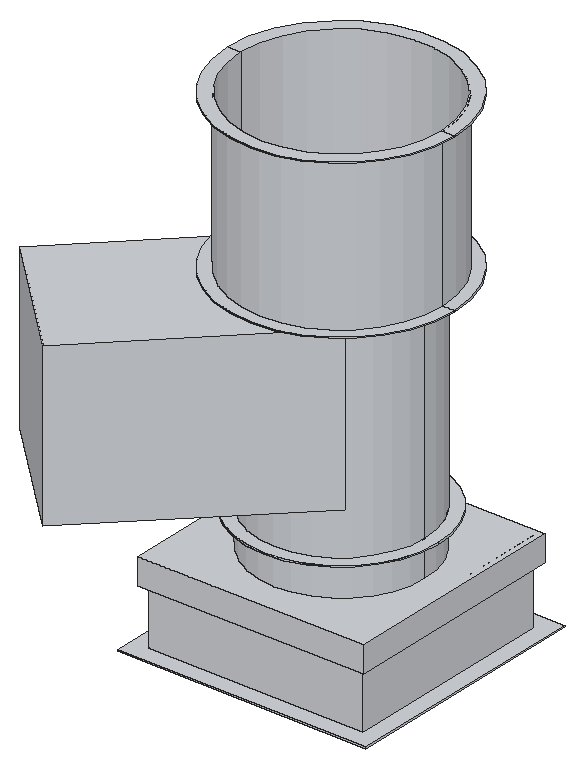
Revit family "QMXU", category Mechanical Equipment, Revit 2019
Family settings
  Round Connector Dimension = Use Diameter
  Part Type = Normal
  Work Plane-Based = No
  Always vertical = Yes
  Cut with Voids When Loaded = No
  Shared = No
  Room Calculation Point = No
Parameters (values of type "135_QMXU-HP")
  Unit Weight [instance] = ""
  T_SQ/2 = T_SQ / 2  # 0' - 10 3/4"
  T_SQ = B - 0' 4 1/2"  # 1' - 9 1/2"
  Sones [instance] = ""
  QMX_LENGTH = 2' - 3"
  Motor RPM [instance] = ""
  Motor Enclosure [instance] = ""
  ModelID [instance] = ""
  MC_LENGTH = -QMX_LENGTH * 0.8  # -1' - 9.6"
  LwA [instance] = ""
  G/2 = G / 2  # 0' - 9"
  G = 1' - 6"
  Fan RPM [instance] = ""
  FAN_RADIUS/5 = FAN_RADIUS / 5  # 0' - 1.925"
  FAN_RADIUS = FAN_DIA / 2  # 0' - 9 5/8"
  FAN_RAD+1.5" = FAN_RADIUS + 0' 1 1/2"  # 0' - 11 1/8"
  FAN_DIA = 1' - 7 1/4"
  F = 2' - 1 3/8"
  E = 2' - 3 1/4"
  DUCT_COLLAR = 1' - 7 1/4"
  DC/2 = DUCT_COLLAR / 2  # 0' - 9 5/8"
  D-(G/2) = D - (G / 2)  # 3' - 1 1/2"
  D = 3' - 10 1/2"
  CURB_HEIGHT [instance] = 0' - 9 1/2"
  CURB [instance] = yes
  C/2 = C / 2  # 0' - 1 1/2"
  C = 0' - 3"
  B/2 = B / 2  # 1' - 1"
  B = 2' - 2"
  Accessories [instance] = ""
  A/2 = A / 2  # 2' - 0 27/32"
  A = 4' - 1 11/16"
  3" = 0' - 3"  # constant formula
  Brake Hp [instance] = ""
  4" = 0' - 4"  # constant formula
  2' = 2' - 0"
  2" = 0' - 2"  # constant formula
  1" = 0' - 1"  # constant formula
  0 = 0' - 0"  # constant formula
  Voltage [instance] = 0 V
  URL = "www.lorencook.com"
  Type Comments = "Mixed-Flow Upblast Blower High Pressure Belt Drive Arrangement 9"
  Static Pressure [instance] = 0.00 in-wg
  Power [instance] = Voltage * Motor FLA * sqrt(if(Phase = 3, 3, 1))  # 0 VA
  Phase [instance] = 0
  Number of Poles [instance] = 1
  Motor Hp [instance] = "0"
  Motor FLA [instance] = 0 A
  Model = "QMXU-HP"
  Manufacturer = "Loren Cook Company"
  CFM [instance] = 0 CFM
  1.5 = 0' - 1 1/2"  # constant formula
  ONE EIGTH = 0' - 0 1/8"  # constant formula
  (FAN_RADIUS)*.75 = (FAN_RADIUS) * 0.75  # 0' - 7 7/32"
  (B/2)-.125" = (B / 2) - 0' 0 1/8"  # 1' - 0 7/8"
Types (36): name | T_SQ/2 | T_SQ | QMX_LENGTH | MC_LENGTH | G/2 | G | FAN_RADIUS/5 | FAN_RADIUS | FAN_RAD+1.5" | FAN_DIA | F | E | DUCT_COLLAR | DC/2 | D-(G/2) | D | C/2 | C | B/2 | B | A/2 | A | Type Comments | Model | (FAN_RADIUS)*.75 | (B/2)-.125"
  (no name) | 0' - 10 3/4" | 1' - 9 1/2" | 2' - 3" | -1' - 9.6" | 0' - 9" | 1' - 6" | 0' - 1.925" | 0' - 9 5/8" | 0' - 11 1/8" | 1' - 7 1/4" | 2' - 1 3/8" | 2' - 3 1/4" | 1' - 7 1/4" | 0' - 9 5/8" | 3' - 1 1/2" | 3' - 10 1/2" | 0' - 1 1/2" | 0' - 3" | 1' - 1" | 2' - 2" | 2' - 0 27/32" | 4' - 1 11/16" | "Mixed-Flow Upblast Blower High Pressure Belt Drive Arrangement 9" | "QMXU-HP" | 0' - 7 7/32" | 1' - 0 7/8"
  90_QMXU | 0' - 7 3/4" | 1' - 3 1/2" | 1' - 7 7/8" | -1' - 3.9" | 0' - 7 1/2" | 1' - 3" | 0' - 1 9/32" | 0' - 6 13/32" | 0' - 7 29/32" | 1' - 0 13/16" | 1' - 9 1/4" | 1' - 10 1/2" | 1' - 0 13/16" | 0' - 6 13/32" | 2' - 5 7/8" | 3' - 1 3/8" | 0' - 1 1/2" | 0' - 3" | 0' - 10" | 1' - 8" | 1' - 8 9/32" | 3' - 4 9/16" | "Mixed-Flow Upblast Blower Low Pressure Belt Drive Arrangement 9" | "QMXU" | 0' - 4 103/128" | 0' - 9 7/8"
  300_QMXU | 2' - 0 3/4" | 4' - 1 1/2" | 4' - 6" | -3' - 7.2" | 1' - 3 1/4" | 2' - 6 1/2" | 0' - 4 1/4" | 1' - 9 1/4" | 1' - 10 3/4" | 3' - 6 1/2" | 3' - 1 5/8" | 3' - 4" | 3' - 6 1/2" | 1' - 9 1/4" | 5' - 6 3/4" | 6' - 10" | 0' - 1 1/2" | 0' - 3" | 2' - 3" | 4' - 6" | 3' - 9 1/8" | 7' - 6 1/4" | "Mixed-Flow Upblast Blower Low Pressure Belt Drive Arrangement 9" | "QMXU" | 1' - 3 15/16" | 2' - 2 7/8"
  120_QMXU | 0' - 9 3/4" | 1' - 7 1/2" | 2' - 0" | -1' - 7.2" | 0' - 8 1/2" | 1' - 5" | 0' - 1.70625" | 0' - 8 17/32" | 0' - 10 1/32" | 1' - 5 1/16" | 2' - 0 3/8" | 2' - 1 3/8" | 1' - 5 1/16" | 0' - 8 17/32" | 2' - 11 1/8" | 3' - 7 5/8" | 0' - 1 1/2" | 0' - 3" | 1' - 0" | 2' - 0" | 1' - 10 27/32" | 3' - 9 11/16" | "Mixed-Flow Upblast Blower Low Pressure Belt Drive Arrangement 9" | "QMXU" | 0' - 6 51/128" | 0' - 11 7/8"
  135_QMXU | 0' - 10 3/4" | 1' - 9 1/2" | 2' - 3" | -1' - 9.6" | 0' - 9" | 1' - 6" | 0' - 1.925" | 0' - 9 5/8" | 0' - 11 1/8" | 1' - 7 1/4" | 2' - 1 3/8" | 2' - 3 1/4" | 1' - 7 1/4" | 0' - 9 5/8" | 3' - 1 1/2" | 3' - 10 1/2" | 0' - 1 1/2" | 0' - 3" | 1' - 1" | 2' - 2" | 2' - 0 27/32" | 4' - 1 11/16" | "Mixed-Flow Upblast Blower Low Pressure Belt Drive Arrangement 9" | "QMXU" | 0' - 7 7/32" | 1' - 0 7/8"
  165_QMXU | 1' - 3 1/4" | 2' - 6 1/2" | 2' - 9" | -2' - 2.4" | 0' - 10 1/2" | 1' - 9" | 0' - 2.35" | 0' - 11 3/4" | 1' - 1 1/4" | 1' - 11 1/2" | 2' - 3 1/8" | 2' - 5 13/16" | 1' - 11 1/2" | 0' - 11 3/4" | 3' - 8 1/2" | 4' - 7" | 0' - 1 1/2" | 0' - 3" | 1' - 5 1/2" | 2' - 11" | 2' - 5 11/32" | 4' - 10 11/16" | "Mixed-Flow Upblast Blower Low Pressure Belt Drive Arrangement 9" | "QMXU" | 0' - 8 13/16" | 1' - 5 3/8"
  180_QMXU | 1' - 4 1/4" | 2' - 8 1/2" | 2' - 11" | -2' - 4" | 0' - 11" | 1' - 10" | 0' - 2 9/16" | 1' - 0 13/16" | 1' - 2 5/16" | 2' - 1 5/8" | 2' - 4 1/8" | 2' - 6 3/4" | 2' - 1 5/8" | 1' - 0 13/16" | 3' - 10 3/4" | 4' - 9 3/4" | 0' - 1 1/2" | 0' - 3" | 1' - 6 1/2" | 3' - 1" | 2' - 6 27/32" | 5' - 1 11/16" | "Mixed-Flow Upblast Blower Low Pressure Belt Drive Arrangement 9" | "QMXU" | 0' - 9 39/64" | 1' - 6 3/8"
  202_QMXU | 1' - 5 3/4" | 2' - 11 1/2" | 2' - 11" | -2' - 4" | 0' - 11 3/4" | 1' - 11 1/2" | 0' - 2 9/16" | 1' - 0 13/16" | 1' - 2 5/16" | 2' - 1 5/8" | 2' - 5 1/2" | 2' - 8 1/8" | 2' - 4 3/4" | 1' - 2 3/8" | 4' - 2 1/16" | 5' - 1 13/16" | 0' - 1 1/2" | 0' - 3" | 1' - 8" | 3' - 4" | 2' - 8 27/32" | 5' - 5 11/16" | "Mixed-Flow Upblast Blower Low Pressure Belt Drive Arrangement 9" | "QMXU" | 0' - 9 39/64" | 1' - 7 7/8"
  225_QMXU | 1' - 7 1/4" | 3' - 2 1/2" | 3' - 5" | -2' - 8.8" | 1' - 0 1/2" | 2' - 1" | 0' - 3.19375" | 1' - 3 31/32" | 1' - 5 15/32" | 2' - 7 15/16" | 2' - 9" | 2' - 11 1/2" | 2' - 7 15/16" | 1' - 3 31/32" | 4' - 7 5/8" | 5' - 8 1/8" | 0' - 1 1/2" | 0' - 3" | 1' - 9 1/2" | 3' - 7" | 2' - 11 11/32" | 5' - 10 11/16" | "Mixed-Flow Upblast Blower Low Pressure Belt Drive Arrangement 9" | "QMXU" | 0' - 11 125/128" | 1' - 9 3/8"
  245_QMXU | 1' - 8 3/4" | 3' - 5 1/2" | 3' - 8 1/2" | -2' - 11.6" | 1' - 1 1/2" | 2' - 3" | 0' - 3.475" | 1' - 5 3/8" | 1' - 6 7/8" | 2' - 10 3/4" | 2' - 10 1/8" | 3' - 0 5/8" | 2' - 10 3/4" | 1' - 5 3/8" | 4' - 10 5/16" | 5' - 11 13/16" | 0' - 1 1/2" | 0' - 3" | 1' - 11" | 3' - 10" | 3' - 2 5/16" | 6' - 4 5/8" | "Mixed-Flow Upblast Blower Low Pressure Belt Drive Arrangement 9" | "QMXU" | 1' - 1 1/32" | 1' - 10 7/8"
  270_QMXU | 1' - 10 3/4" | 3' - 9 1/2" | 3' - 11" | -3' - 1.6" | 1' - 2 1/4" | 2' - 4 1/2" | 0' - 3.83125" | 1' - 7 5/32" | 1' - 8 21/32" | 3' - 2 5/16" | 2' - 11 9/16" | 3' - 2" | 3' - 2 5/16" | 1' - 7 5/32" | 5' - 2 1/16" | 6' - 4 5/16" | 0' - 1 1/2" | 0' - 3" | 2' - 1" | 4' - 2" | 3' - 4 7/16" | 6' - 8 7/8" | "Mixed-Flow Upblast Blower Low Pressure Belt Drive Arrangement 9" | "QMXU" | 1' - 2 47/128" | 2' - 0 7/8"
  120_QMXU-HP | 0' - 9 3/4" | 1' - 7 1/2" | 2' - 0" | -1' - 7.2" | 0' - 8 1/2" | 1' - 5" | 0' - 1.70625" | 0' - 8 17/32" | 0' - 10 1/32" | 1' - 5 1/16" | 2' - 0 3/8" | 2' - 1 3/8" | 1' - 5 1/16" | 0' - 8 17/32" | 2' - 11 1/8" | 3' - 7 5/8" | 0' - 1 1/2" | 0' - 3" | 1' - 0" | 2' - 0" | 1' - 10 27/32" | 3' - 9 11/16" | "Mixed-Flow Upblast Blower High Pressure Belt Drive Arrangement 9" | "QMXU-HP" | 0' - 6 51/128" | 0' - 11 7/8"
  135_QMXU-HP | 0' - 10 3/4" | 1' - 9 1/2" | 2' - 3" | -1' - 9.6" | 0' - 9" | 1' - 6" | 0' - 1.925" | 0' - 9 5/8" | 0' - 11 1/8" | 1' - 7 1/4" | 2' - 1 3/8" | 2' - 3 1/4" | 1' - 7 1/4" | 0' - 9 5/8" | 3' - 1 1/2" | 3' - 10 1/2" | 0' - 1 1/2" | 0' - 3" | 1' - 1" | 2' - 2" | 2' - 0 27/32" | 4' - 1 11/16" | "Mixed-Flow Upblast Blower High Pressure Belt Drive Arrangement 9" | "QMXU-HP" | 0' - 7 7/32" | 1' - 0 7/8"
  150_QMXU-HP | 1' - 0 3/4" | 2' - 1 1/2" | 2' - 6" | -2' - 0" | 0' - 10" | 1' - 8" | 0' - 2.1375" | 0' - 10 11/16" | 1' - 0 3/16" | 1' - 9 3/8" | 2' - 2 1/8" | 2' - 4" | 1' - 9 3/8" | 0' - 10 11/16" | 3' - 5" | 4' - 3" | 0' - 1 1/2" | 0' - 3" | 1' - 3" | 2' - 6" | 2' - 3 11/32" | 4' - 6 11/16" | "Mixed-Flow Upblast Blower High Pressure Belt Drive Arrangement 9" | "QMXU-HP" | 0' - 8 1/64" | 1' - 2 7/8"
  165_QMXU-HP | 1' - 3 1/4" | 2' - 6 1/2" | 2' - 9" | -2' - 2.4" | 0' - 10 1/2" | 1' - 9" | 0' - 2.35" | 0' - 11 3/4" | 1' - 1 1/4" | 1' - 11 1/2" | 2' - 3 1/8" | 2' - 5 13/16" | 1' - 11 1/2" | 0' - 11 3/4" | 3' - 8 1/2" | 4' - 7" | 0' - 1 1/2" | 0' - 3" | 1' - 5 1/2" | 2' - 11" | 2' - 5 11/32" | 4' - 10 11/16" | "Mixed-Flow Upblast Blower High Pressure Belt Drive Arrangement 9" | "QMXU-HP" | 0' - 8 13/16" | 1' - 5 3/8"
  180_QMXU-HP | 1' - 4 1/4" | 2' - 8 1/2" | 2' - 11" | -2' - 4" | 0' - 11" | 1' - 10" | 0' - 2 9/16" | 1' - 0 13/16" | 1' - 2 5/16" | 2' - 1 5/8" | 2' - 4 1/8" | 2' - 6 3/4" | 2' - 1 5/8" | 1' - 0 13/16" | 3' - 10 3/4" | 4' - 9 3/4" | 0' - 1 1/2" | 0' - 3" | 1' - 6 1/2" | 3' - 1" | 2' - 6 27/32" | 5' - 1 11/16" | "Mixed-Flow Upblast Blower High Pressure Belt Drive Arrangement 9" | "QMXU-HP" | 0' - 9 39/64" | 1' - 6 3/8"
  202_QMXU-HP | 1' - 5 3/4" | 2' - 11 1/2" | 2' - 11" | -2' - 4" | 0' - 11 3/4" | 1' - 11 1/2" | 0' - 2 9/16" | 1' - 0 13/16" | 1' - 2 5/16" | 2' - 1 5/8" | 2' - 5 1/2" | 2' - 8 1/8" | 2' - 4 3/4" | 1' - 2 3/8" | 4' - 2 1/16" | 5' - 1 13/16" | 0' - 1 1/2" | 0' - 3" | 1' - 8" | 3' - 4" | 2' - 8 27/32" | 5' - 5 11/16" | "Mixed-Flow Upblast Blower High Pressure Belt Drive Arrangement 9" | "QMXU-HP" | 0' - 9 39/64" | 1' - 7 7/8"
  225_QMXU-HP | 1' - 7 1/4" | 3' - 2 1/2" | 3' - 5" | -2' - 8.8" | 1' - 0 1/2" | 2' - 1" | 0' - 3.19375" | 1' - 3 31/32" | 1' - 5 15/32" | 2' - 7 15/16" | 2' - 9" | 2' - 11 1/2" | 2' - 7 15/16" | 1' - 3 31/32" | 4' - 7 5/8" | 5' - 8 1/8" | 0' - 1 1/2" | 0' - 3" | 1' - 9 1/2" | 3' - 7" | 2' - 11 11/32" | 5' - 10 11/16" | "Mixed-Flow Upblast Blower High Pressure Belt Drive Arrangement 9" | "QMXU-HP" | 0' - 11 125/128" | 1' - 9 3/8"
  245_QMXU-HP | 1' - 8 3/4" | 3' - 5 1/2" | 3' - 8 1/2" | -2' - 11.6" | 1' - 1 1/2" | 2' - 3" | 0' - 3.475" | 1' - 5 3/8" | 1' - 6 7/8" | 2' - 10 3/4" | 2' - 10 1/8" | 3' - 0 5/8" | 2' - 10 3/4" | 1' - 5 3/8" | 4' - 10 5/16" | 5' - 11 13/16" | 0' - 1 1/2" | 0' - 3" | 1' - 11" | 3' - 10" | 3' - 2 5/16" | 6' - 4 5/8" | "Mixed-Flow Upblast Blower High Pressure Belt Drive Arrangement 9" | "QMXU-HP" | 1' - 1 1/32" | 1' - 10 7/8"
  270_QMXU-HP | 1' - 10 3/4" | 3' - 9 1/2" | 3' - 11" | -3' - 1.6" | 1' - 2 1/4" | 2' - 4 1/2" | 0' - 3.83125" | 1' - 7 5/32" | 1' - 8 21/32" | 3' - 2 5/16" | 2' - 11 9/16" | 3' - 2" | 3' - 2 5/16" | 1' - 7 5/32" | 5' - 2 1/16" | 6' - 4 5/16" | 0' - 1 1/2" | 0' - 3" | 2' - 1" | 4' - 2" | 3' - 4 7/16" | 6' - 8 7/8" | "Mixed-Flow Upblast Blower High Pressure Belt Drive Arrangement 9" | "QMXU-HP" | 1' - 2 47/128" | 2' - 0 7/8"
  300_QMXU-HP | 2' - 0 3/4" | 4' - 1 1/2" | 4' - 6" | -3' - 7.2" | 1' - 3 1/4" | 2' - 6 1/2" | 0' - 4 1/4" | 1' - 9 1/4" | 1' - 10 3/4" | 3' - 6 1/2" | 3' - 1 5/8" | 3' - 4" | 3' - 6 1/2" | 1' - 9 1/4" | 5' - 6 3/4" | 6' - 10" | 0' - 1 1/2" | 0' - 3" | 2' - 3" | 4' - 6" | 3' - 9 1/8" | 7' - 6 1/4" | "Mixed-Flow Upblast Blower High Pressure Belt Drive Arrangement 9" | "QMXU-HP" | 1' - 3 15/16" | 2' - 2 7/8"
  90_QMXU-HP | 0' - 7 3/4" | 1' - 3 1/2" | 1' - 7 7/8" | -1' - 3.9" | 0' - 7 1/2" | 1' - 3" | 0' - 1 9/32" | 0' - 6 13/32" | 0' - 7 29/32" | 1' - 0 13/16" | 1' - 9 1/4" | 1' - 10 1/2" | 1' - 0 13/16" | 0' - 6 13/32" | 2' - 5 7/8" | 3' - 1 3/8" | 0' - 1 1/2" | 0' - 3" | 0' - 10" | 1' - 8" | 1' - 8 9/32" | 3' - 4 9/16" | "Mixed-Flow Upblast Blower High Pressure Belt Drive Arrangement 9" | "QMXU-HP" | 0' - 4 103/128" | 0' - 9 7/8"
  330_QMXU | 2' - 2 3/4" | 4' - 5 1/2" | 3' - 10 3/4" | -3' - 1.4" | 1' - 4 1/4" | 2' - 8 1/2" | 0' - 4.675" | 1' - 11 3/8" | 2' - 0 7/8" | 3' - 10 3/4" | 3' - 5 11/16" | 3' - 8 5/8" | 3' - 10 3/4" | 1' - 11 3/8" | 6' - 1" | 7' - 5 1/4" | 0' - 1 1/2" | 0' - 3" | 2' - 5" | 4' - 10" | 3' - 7 3/8" | 7' - 2 3/4" | "Mixed-Flow Upblast Blower Low Pressure Belt Drive Arrangement 9" | "QMXU" | 1' - 5 17/32" | 2' - 4 7/8"
  365_QMXU | 2' - 5 3/4" | 4' - 11 1/2" | 5' - 4" | -4' - 3.2" | 1' - 5 1/2" | 2' - 11" | 0' - 5.175" | 2' - 1 7/8" | 2' - 3 3/8" | 4' - 3 3/4" | 3' - 7 5/8" | 3' - 10 5/8" | 4' - 3 3/4" | 2' - 1 7/8" | 6' - 6 3/4" | 8' - 0 1/4" | 0' - 1 1/2" | 0' - 3" | 2' - 8" | 5' - 4" | 4' - 4 7/16" | 8' - 8 7/8" | "Mixed-Flow Upblast Blower Low Pressure Belt Drive Arrangement 9" | "QMXU" | 1' - 7 13/32" | 2' - 7 7/8"
  402_QMXU | 2' - 8 1/4" | 5' - 4 1/2" | 5' - 8 1/2" | -4' - 6.8" | 1' - 7" | 3' - 2" | 0' - 5.69375" | 2' - 4 15/32" | 2' - 5 31/32" | 4' - 8 15/16" | 4' - 0 3/8" | 4' - 4" | 4' - 8 15/16" | 2' - 4 15/32" | 7' - 2" | 8' - 9" | 0' - 1 1/2" | 0' - 3" | 2' - 10 1/2" | 5' - 9" | 4' - 8 3/16" | 9' - 4 3/8" | "Mixed-Flow Upblast Blower Low Pressure Belt Drive Arrangement 9" | "QMXU" | 1' - 9 45/128" | 2' - 10 3/8"
  445_QMXU | 2' - 11 1/4" | 5' - 10 1/2" | 6' - 2" | -4' - 11.2" | 1' - 8 1/2" | 3' - 5" | 0' - 6.30625" | 2' - 7 17/32" | 2' - 9 1/32" | 5' - 3 1/16" | 4' - 2 11/16" | 4' - 6 3/8" | 5' - 3 1/16" | 2' - 7 17/32" | 7' - 7 15/16" | 9' - 4 7/16" | 0' - 1 1/2" | 0' - 3" | 3' - 1 1/2" | 6' - 3" | 5' - 0 7/16" | 10' - 0 7/8" | "Mixed-Flow Upblast Blower Low Pressure Belt Drive Arrangement 9" | "QMXU" | 1' - 11 83/128" | 3' - 1 3/8"
  490_QMXU | 3' - 2 3/4" | 6' - 5 1/2" | 6' - 8 1/2" | -5' - 4.4" | 1' - 10" | 3' - 8" | 0' - 6 15/16" | 2' - 10 11/16" | 3' - 0 3/16" | 5' - 9 3/8" | 4' - 7 1/16" | 4' - 11 5/8" | 5' - 9 3/8" | 2' - 10 11/16" | 8' - 4 1/2" | 10' - 2 1/2" | 0' - 2" | 0' - 4" | 3' - 5" | 6' - 10" | 5' - 5 11/16" | 10' - 11 3/8" | "Mixed-Flow Upblast Blower Low Pressure Belt Drive Arrangement 9" | "QMXU" | 2' - 2 1/64" | 3' - 4 7/8"
  540_QMXU | 3' - 6 3/4" | 7' - 1 1/2" | 7' - 3" | -5' - 9.6" | 2' - 0" | 4' - 0" | 0' - 7.64375" | 3' - 2 7/32" | 3' - 3 23/32" | 6' - 4 7/16" | 4' - 9 3/4" | 5' - 2 1/4" | 6' - 4 7/16" | 3' - 2 7/32" | 8' - 11 7/8" | 10' - 11 7/8" | 0' - 2" | 0' - 4" | 3' - 9" | 7' - 6" | 5' - 10 15/16" | 11' - 9 7/8" | "Mixed-Flow Upblast Blower Low Pressure Belt Drive Arrangement 9" | "QMXU" | 2' - 4 85/128" | 3' - 8 7/8"
  600_QMXU | 3' - 10 3/4" | 7' - 9 1/2" | 7' - 11 1/2" | -6' - 4.4" | 2' - 2" | 4' - 4" | 0' - 8.4875" | 3' - 6 7/16" | 3' - 7 15/16" | 7' - 0 7/8" | 5' - 1" | 5' - 5 1/2" | 7' - 0 7/8" | 3' - 6 7/16" | 9' - 8" | 11' - 10" | 0' - 2" | 0' - 4" | 4' - 1" | 8' - 2" | 6' - 5 3/16" | 12' - 10 3/8" | "Mixed-Flow Upblast Blower  Low Pressure Belt Drive Arrangement 9" | "QMXU" | 2' - 7 53/64" | 4' - 0 7/8"
  330_QMXU-HP | 2' - 2 3/4" | 4' - 5 1/2" | 3' - 10 3/4" | -3' - 1.4" | 1' - 4 1/4" | 2' - 8 1/2" | 0' - 4.675" | 1' - 11 3/8" | 2' - 0 7/8" | 3' - 10 3/4" | 3' - 5 11/16" | 3' - 8 5/8" | 3' - 10 3/4" | 1' - 11 3/8" | 6' - 1" | 7' - 5 1/4" | 0' - 1 1/2" | 0' - 3" | 2' - 5" | 4' - 10" | 3' - 7 3/8" | 7' - 2 3/4" | "Mixed-Flow Upblast Blower High Pressure Belt Drive Arrangement 9" | "QMXU-HP" | 1' - 5 17/32" | 2' - 4 7/8"
  365_QMXU-HP | 2' - 5 3/4" | 4' - 11 1/2" | 5' - 4" | -4' - 3.2" | 1' - 5 1/2" | 2' - 11" | 0' - 5.175" | 2' - 1 7/8" | 2' - 3 3/8" | 4' - 3 3/4" | 3' - 7 5/8" | 3' - 10 5/8" | 4' - 3 3/4" | 2' - 1 7/8" | 6' - 6 3/4" | 8' - 0 1/4" | 0' - 1 1/2" | 0' - 3" | 2' - 8" | 5' - 4" | 4' - 4 7/16" | 8' - 8 7/8" | "Mixed-Flow Upblast Blower High Pressure Belt Drive Arrangement 9" | "QMXU-HP" | 1' - 7 13/32" | 2' - 7 7/8"
  402_QMXU-HP | 2' - 8 1/4" | 5' - 4 1/2" | 5' - 8 1/2" | -4' - 6.8" | 1' - 7" | 3' - 2" | 0' - 5.69375" | 2' - 4 15/32" | 2' - 5 31/32" | 4' - 8 15/16" | 4' - 0 3/8" | 4' - 4" | 4' - 8 15/16" | 2' - 4 15/32" | 7' - 2" | 8' - 9" | 0' - 1 1/2" | 0' - 3" | 2' - 10 1/2" | 5' - 9" | 4' - 8 3/16" | 9' - 4 3/8" | "Mixed-Flow Upblast Blower High Pressure Belt Drive Arrangement 9" | "QMXU-HP" | 1' - 9 45/128" | 2' - 10 3/8"
  445_QMXU-HP | 2' - 11 1/4" | 5' - 10 1/2" | 6' - 2" | -4' - 11.2" | 1' - 8 1/2" | 3' - 5" | 0' - 6.30625" | 2' - 7 17/32" | 2' - 9 1/32" | 5' - 3 1/16" | 4' - 2 11/16" | 4' - 6 3/8" | 5' - 3 1/16" | 2' - 7 17/32" | 7' - 7 15/16" | 9' - 4 7/16" | 0' - 1 1/2" | 0' - 3" | 3' - 1 1/2" | 6' - 3" | 5' - 0 7/16" | 10' - 0 7/8" | "Mixed-Flow Upblast Blower High Pressure Belt Drive Arrangement 9" | "QMXU-HP" | 1' - 11 83/128" | 3' - 1 3/8"
  490_QMXU-HP | 3' - 2 3/4" | 6' - 5 1/2" | 6' - 8 1/2" | -5' - 4.4" | 1' - 10" | 3' - 8" | 0' - 6 15/16" | 2' - 10 11/16" | 3' - 0 3/16" | 5' - 9 3/8" | 4' - 7 1/16" | 4' - 11 5/8" | 5' - 9 3/8" | 2' - 10 11/16" | 8' - 4 1/2" | 10' - 2 1/2" | 0' - 2" | 0' - 4" | 3' - 5" | 6' - 10" | 5' - 5 11/16" | 10' - 11 3/8" | "Mixed-Flow Upblast Blower High Pressure Belt Drive Arrangement 9" | "QMXU-HP" | 2' - 2 1/64" | 3' - 4 7/8"
  540_QMXU-HP | 3' - 6 3/4" | 7' - 1 1/2" | 7' - 3" | -5' - 9.6" | 2' - 0" | 4' - 0" | 0' - 7.64375" | 3' - 2 7/32" | 3' - 3 23/32" | 6' - 4 7/16" | 4' - 9 3/4" | 5' - 2 1/4" | 6' - 4 7/16" | 3' - 2 7/32" | 8' - 11 7/8" | 10' - 11 7/8" | 0' - 2" | 0' - 4" | 3' - 9" | 7' - 6" | 5' - 10 15/16" | 11' - 9 7/8" | "Mixed-Flow Upblast Blower High Pressure Belt Drive Arrangement 9" | "QMXU-HP" | 2' - 4 85/128" | 3' - 8 7/8"
  150_QMXU | 1' - 0 3/4" | 2' - 1 1/2" | 2' - 6" | -2' - 0" | 0' - 10" | 1' - 8" | 0' - 2.1375" | 0' - 10 11/16" | 1' - 0 3/16" | 1' - 9 3/8" | 2' - 2 1/8" | 2' - 4" | 1' - 9 3/8" | 0' - 10 11/16" | 3' - 5" | 4' - 3" | 0' - 1 1/2" | 0' - 3" | 1' - 3" | 2' - 6" | 2' - 3 11/32" | 4' - 6 11/16" | "Mixed-Flow Upblast Blower Low Pressure Belt Drive Arrangement 9" | "QMXU" | 0' - 8 1/64" | 1' - 2 7/8"
Reference planes (in)
  plane 1 "Center (Front/Back)": y = 0
  plane 2: z = 0
  plane 3 "Center (Left/Right)": x = 0.40541
Forms (in)
  Extrusion 1, solid
    sketch origin (0, 0, 0) x (1, 0, 0) y (0, 1, 0)
      loop
        line (-12.59459, 13) -> (-12.59459, -13) -> (13.40541, -13) -> (13.40541, 13) -> (-12.59459, 13)
    from 0 to 3 <- "C"
  Extrusion 2, void
    sketch origin (0, 0, 0) x (1, 0, 0) y (0, 1, 0)
      loop
        line (-12.46959, 12.875) -> (-12.46959, -12.875) -> (13.28041, -12.875) -> (13.28041, 12.875) -> (-12.46959, 12.875)
    from 0 to 2.875
  Extrusion 3, solid
    sketch origin (0, 0, 0) x (1, 0, 0) y (0, 1, 0)
      loop
        circle (0.40541, 0) r 9.625
    from 3 to 7
  Extrusion 4, solid
    sketch origin (0, 0, 0) x (1, 0, 0) y (0, 1, 0)
      loop
        circle (0.40541, 0) r 11.125
      loop
        circle (0.40541, 0) r 7.21875
    from 7 to 7.125
  Revolve 5, solid
    sketch origin (0, 0, 0) x (1, 0, 0) y (0, 0, 1)
      loop
        line (-9.21959, 7.125) -> (-6.81334, 7.125)
        arc (-6.81334, 7.125) -> (-5.45216, 7.68882) -> (-4.88834, 9.05) r 1.925
        line (-4.88834, 9.05) -> (0.40541, 9.05) -> (0.40541, 34.125) -> (-9.21959, 34.125) -> (-9.21959, 7.125)
      axis (0.40541, 7.125) -> (0.40541, 34.125)
    angle from 0 to 360
  Extrusion 6, solid
    sketch origin (0.40541, 0, 34.125) x (0, 1, 0) y (-1, 0, 0)
      loop
        line (-14.38593, 25.375) -> (-27.25, 12.51093) -> (-7.98134, -6.75773) -> (4.88273, 6.10634) -> (-14.38593, 25.375)
    from -3 to -21.6 <- "MC_LENGTH"
  Revolve 7, solid
    sketch origin (0, 0, 0) x (1, 0, 0) y (0, 0, 1)
      loop
        line (13.40541, 31.5625) -> (13.40541, 31.6875) -> (12.03041, 31.6875) -> (12.03041, 49.5625) -> (13.40541, 49.5625) -> (13.40541, 49.6875) -> (11.90541, 49.6875) -> (11.90541, 31.5625) -> (13.40541, 31.5625)
      axis (0.40541, 49.6875) -> (0.40541, 31.5625)
    angle from 0 to 360
  Extrusion 8, solid, visible <- "CURB"
    sketch origin (0, 0, 2.875) x (0, 1, 0) y (1, 0, 0)
      loop
        line (10.75, -10.34459) -> (10.75, 11.15541) -> (-10.75, 11.15541) -> (-10.75, -10.34459) -> (10.75, -10.34459)
      loop
        line (-12.25, 12.65541) -> (-12.25, -11.84459) -> (12.25, -11.84459) -> (12.25, 12.65541) -> (-12.25, 12.65541)
    from 0 to 9.5 <- "CURB_HEIGHT"
  Extrusion 9, solid, visible <- "CURB"
    sketch origin (0, 0, -6.625) x (-1, 0, 0) y (0, 1, 0)
      loop
        line (-12.65541, 12.25) -> (-12.65541, -12.25) -> (11.84459, -12.25) -> (11.84459, 12.25) -> (-12.65541, 12.25)
      loop
        line (13.84459, -14.25) -> (13.84459, 14.25) -> (-14.65541, 14.25) -> (-14.65541, -14.25) -> (13.84459, -14.25)
    from 0 to -0.125
Cuts and joins
  Extrusion 2 cuts Extrusion 1
Dimensions and locks (in)
  "B/2": Extrusion 1 sketch curve to plane 3 "Center (Left/Right)"
  "B/2": plane 3 "Center (Left/Right)" to Extrusion 1 sketch curve
  "B/2": plane 1 "Center (Front/Back)" to Extrusion 1 sketch curve
  "B/2": Extrusion 1 sketch curve to plane 1 "Center (Front/Back)"
  "(B/2)-.125"": Extrusion 2 sketch curve to plane 3 "Center (Left/Right)"
  "(B/2)-.125"": plane 3 "Center (Left/Right)" to Extrusion 2 sketch curve
  "(B/2)-.125"": plane 1 "Center (Front/Back)" to Extrusion 2 sketch curve
  "(B/2)-.125"": Extrusion 2 sketch curve to plane 1 "Center (Front/Back)"
  "0": Extrusion 3 sketch curve to plane 3 "Center (Left/Right)"
  "0": Extrusion 3 sketch curve to plane 1 "Center (Front/Back)"
  Extrusion 4 sketch curve to plane 3 "Center (Left/Right)" = 0' - 0"
  Extrusion 4 sketch curve to plane 1 "Center (Front/Back)" = 0' - 0"
  "0": Extrusion 4 sketch curve to plane 1 "Center (Front/Back)"
  "0": Extrusion 4 sketch curve to plane 3 "Center (Left/Right)"
  "0": Revolve 5 sketch curve to Extrusion 4
  "FAN_RADIUS": plane 3 "Center (Left/Right)" to Revolve 5 sketch curve
  "QMX_LENGTH": Revolve 5 sketch curve to Revolve 5 sketch curve
  "FAN_RADIUS/5": Revolve 5 sketch curve to Revolve 5 sketch curve
  "(FAN_RADIUS)*.75": Revolve 5 sketch curve to Revolve 5 sketch curve
  "0": plane 3 "Center (Left/Right)" to Revolve 5 sketch curve
  "0": Revolve 5 sketch curve to plane 3 "Center (Left/Right)"
  "D": Extrusion 6 sketch curve to cut or joined group of Extrusion 1, Extrusion 2
  "E": Extrusion 6 sketch curve to plane 1 "Center (Front/Back)"
  "F": Extrusion 6 sketch curve to plane 3 "Center (Left/Right)"
  "FAN_DIA": cut or joined group of Extrusion 1, Extrusion 2 to Extrusion 6 sketch curve
  "1.5": Revolve 7 sketch curve to Revolve 7 sketch curve
  "0": Revolve 7 sketch curve to Revolve 7 sketch curve
  "ONE EIGTH": Revolve 7 sketch curve to Revolve 7 sketch curve  (x3)
  "G": Revolve 7 sketch curve to Revolve 7 sketch curve
  "A": Revolve 7 sketch curve to level
  "2"": Revolve 5 to Revolve 7 sketch curve
  "0": Revolve 7 sketch curve to plane 3 "Center (Left/Right)"
  "1.5": Extrusion 8 sketch curve to Extrusion 8 sketch curve  (x4)
  "T_SQ/2": Extrusion 8 sketch curve to plane 3 "Center (Left/Right)"
  "T_SQ/2": plane 3 "Center (Left/Right)" to Extrusion 8 sketch curve
  "T_SQ/2": plane 1 "Center (Front/Back)" to Extrusion 8 sketch curve
  "T_SQ/2": Extrusion 8 sketch curve to plane 1 "Center (Front/Back)"
  "2"": Extrusion 9 sketch curve to Extrusion 9 sketch curve  (x4)
  "0": Extrusion 8 to Extrusion 9 sketch curve
  "0": Extrusion 9 sketch curve to Extrusion 8  (x3)
  "FAN_RADIUS": radius of Extrusion 3 sketch curve
  "FAN_RAD+1.5"": radius of Extrusion 4 sketch curve
  "(FAN_RADIUS)*.75": radius of Extrusion 4 sketch curve
  "FAN_RADIUS/5": radius of Revolve 5 sketch curve
  angle plane 3 "Center (Left/Right)" to Extrusion 6 sketch curve = 135.00°
Automatic sketch dimensions
  Revolve 5 sketch curve to Revolve 5 sketch curve = 0' - 1"
  Revolve 5 sketch curve to Revolve 5 sketch curve = 0' - 5"
  Revolve 7 sketch curve to Revolve 7 sketch curve = 0' - 5"
  Revolve 7 sketch curve to Revolve 7 sketch curve = 0' - 4"
Connectors (in)
  electrical at (-8.90322, -11.18364, 12.525)
    settings: on Extrusion 6, index 2, voltage 0 V, apparent load 0 VA, apparent load phase1 0 VA, apparent load phase2 0 VA, apparent load phase3 0 VA, power factor 1, load classification "Other", number of poles 1, system type 30, power factor state 1, is connector primary yes, connector utility no, sub classification motor no, connector description ""
  hvac at (0.40541, 0, 2.875), driven by "CFM", driven by "DUCT_COLLAR", driven by "DUCT_COLLAR"
    settings: on cut or joined group of Extrusion 1, Extrusion 2, index 3, duct flow 0 CFM, flow factor 0, pres drop 0.00 in-wg, loss coef 0, conn angle 0.00°, conn width 19 1/4", conn height 19 1/4", conn diameter 24", duct sys type 3, conn prof type 1, flow config 0, flow direction 1, loss method 0, conn ref index -1, conn util no, is conn primary yes, conn desc ""
